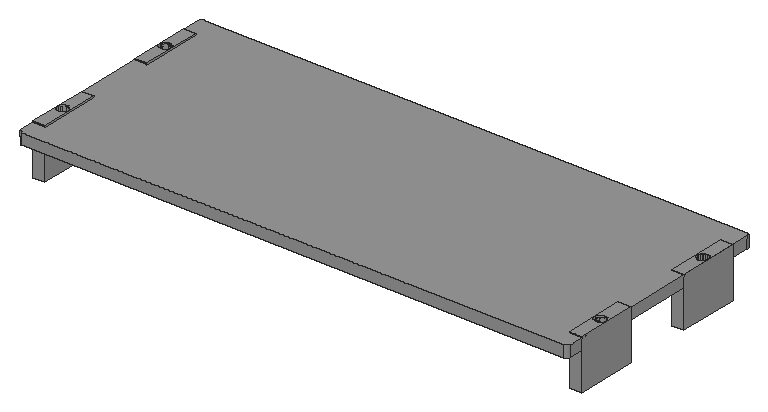
Revit family "Building-ContenitoriParete-GEWISS-46-PANNELLI_CIECHI_2M", category Attrezzatura elettrica, Revit 2016
Family settings
  Configurazione quadro = Due colonne, circuiti in orizzontale
  Tipo di parte = Pannello comandi
  Quota connettore circolare = Usa diametro
  Numero OmniClass = 23.60.00.00
  Titolo OmniClass = General Purpose: Services
  Basato su piano di lavoro = Sì
  Sempre verticale = No
  Taglio con vuoti quando caricato = No
  Condiviso = No
  Punto di calcolo locali = Sì
Parameters (values of type "GW46479F - PANNELLO CIECO H2 800MM F&E")
  Versione file RFA = "18.0"
  URL = "https://www.gewiss.com/it/it"
  Scheda Tecnica = "https://www.gewiss.com/it/it/search?q=GW46479F"
  SEO = "Pannello"
  Default Elevation = 1219.2 mm
  Produttore = "GEWISS S.p.A."
  Per quadri base (mm) = "800"
  Pannello = GEWISS - GRIGIO RAL 7035
  Offset pannello [instance] = 328.668 mm
  Montaggio = "Rapido Fast & Easy"
  Modello = "GW46479F"
  Lunghezza pannello = 718 mm
  Spessore pannello = 15 mm
  Immagine tipo = GW10018551.jpg
  IFC.TypeObject = ""
  IFC.ExportType = ""
  IFC.ExportAs = ""
  IDT = "60235605-7784-4c3b-8cc8-b9e1742e28c0"
  IDF = "072477cc-e453-4ff4-ac98-72e3ee84e6e4"
  H_pannello = 299 mm  # constant formula
  H_da terra [instance] = 125.723 mm
  GEWISS SCHEDA TECNICA = "http://pro.gewiss.com/irj/portal/?NavigationTarget=pcd:portal_content/com.gewiss.ZPPFDMain/com.gewiss.ZPPFDITMain/com.gewiss.ZPPFDITMainDefault/com.gewiss.ZPPFDITPages/com.gewiss.ZPPFDITPagesAP/com.gewiss.ZPPFDITPagesAPCatalogo/com.gewiss.ZPPPDITAPProductDetail&codProd=GW46479F"
  Dotazioni = "Accessori di fissaggio"
  Descrizione = "PANNELLO CIECO H2 800MM F&E"
  Creato da GEWISS S.p.A. = ""
  Colore = "Grigio RAL 7035"
  Codice Electrocod = "0303"
  Codice EAN = "8011564284272"
  Catalogo Serie = "46 QP"
  Catalogo = "BUILDING"
  Caratteristiche = "Halogen free"
  COBie.Tagnumber = ""
  COBie.CreatedOn = ""
  COBie.CreatebBy = ""
  COBie.ComponentRegisterItemID = ""
  COBie.Component.TagNumber = ""
  COBie.Component.Space = ""
  COBie.Component.SerialNumber = ""
  COBie.Component.InstallationDate = ""
  COBie.Component.Description = ""
  COBie.Component.BarCode = ""
  Altezza = "2 Moduli"
  Adatto per: = "46QP - 46QM - 46QX"
Types (6, lengths in mm): name | URL | Scheda Tecnica | Produttore | Per quadri base (mm) | Offset pannello | Modello | Lunghezza pannello | IDT | GEWISS SCHEDA TECNICA | Descrizione | Codice EAN
  (no name) | "http://www.gewiss.com/prv/it_IT/index.html" | "" | 0 | "" | 328.668 | 0 | 718 | "" | "http://pro.gewiss.com/irj/portal/?NavigationTarget=pcd:portal_content/com.gewiss.ZPPFDMain/com.gewiss.ZPPFDITMain/com.gewiss.ZPPFDITMainDefault/com.gewiss.ZPPFDITPages/com.gewiss.ZPPFDITPagesAP/com.gewiss.ZPPFDITPagesAPCatalogo/com.gewiss.ZPPPDITAPProductDetail&codProd=GW46479F" | 0 | ""
  GW46475F - PANNELLO CIECO H2 310MM F&E | "https://www.gewiss.com/it/it" | "https://www.gewiss.com/it/it/search?q=GW46475F" | "GEWISS S.p.A." | "310" | 328.668 | "GW46475F" | 265 | "111c7b50-0ba5-495f-a540-9a93015ba396" | "http://pro.gewiss.com/irj/portal/?NavigationTarget=pcd:portal_content/com.gewiss.ZPPFDMain/com.gewiss.ZPPFDITMain/com.gewiss.ZPPFDITMainDefault/com.gewiss.ZPPFDITPages/com.gewiss.ZPPFDITPagesAP/com.gewiss.ZPPFDITPagesAPCatalogo/com.gewiss.ZPPPDITAPProductDetail&codProd=GW46475F" | "PANNELLO CIECO H2 310MM F&E" | "8011564284234"
  GW46476F - PANNELLO CIECO H2 405MM F&E | "https://www.gewiss.com/it/it" | "https://www.gewiss.com/it/it/search?q=GW46476F" | "GEWISS S.p.A." | "405" | 328.668 | "GW46476F" | 358 | "0cc48223-5ed1-4ac5-af20-bd2f66354467" | "http://pro.gewiss.com/irj/portal/?NavigationTarget=pcd:portal_content/com.gewiss.ZPPFDMain/com.gewiss.ZPPFDITMain/com.gewiss.ZPPFDITMainDefault/com.gewiss.ZPPFDITPages/com.gewiss.ZPPFDITPagesAP/com.gewiss.ZPPFDITPagesAPCatalogo/com.gewiss.ZPPPDITAPProductDetail&codProd=GW46476F" | "PANNELLO CIECO H2 405MM F&E" | "8011564284241"
  GW46477F - PANNELLO CIECO H2 515MM F&E | "https://www.gewiss.com/it/it" | "https://www.gewiss.com/it/it/search?q=GW46477F" | "GEWISS S.p.A." | "515" | 500 | "GW46477F" | 466 | "a297f2be-aa69-46b4-8f75-143973744bec" | "http://pro.gewiss.com/irj/portal/?NavigationTarget=pcd:portal_content/com.gewiss.ZPPFDMain/com.gewiss.ZPPFDITMain/com.gewiss.ZPPFDITMainDefault/com.gewiss.ZPPFDITPages/com.gewiss.ZPPFDITPagesAP/com.gewiss.ZPPFDITPagesAPCatalogo/com.gewiss.ZPPPDITAPProductDetail&codProd=GW46477F" | "PANNELLO CIECO H2 515MM F&E" | "8011564284258"
  GW46478F - PANNELLO CIECO H2 585MM F&E | "https://www.gewiss.com/it/it" | "https://www.gewiss.com/it/it/search?q=GW46478F" | "GEWISS S.p.A." | "585" | 328.668 | "GW46478F" | 538 | "a00c0539-b87a-4bc8-bd37-09c165c70047" | "http://pro.gewiss.com/irj/portal/?NavigationTarget=pcd:portal_content/com.gewiss.ZPPFDMain/com.gewiss.ZPPFDITMain/com.gewiss.ZPPFDITMainDefault/com.gewiss.ZPPFDITPages/com.gewiss.ZPPFDITPagesAP/com.gewiss.ZPPFDITPagesAPCatalogo/com.gewiss.ZPPPDITAPProductDetail&codProd=GW46478F" | "PANNELLO CIECO H2 585MM F&E" | "8011564284265"
  GW46479F - PANNELLO CIECO H2 800MM F&E | "https://www.gewiss.com/it/it" | "https://www.gewiss.com/it/it/search?q=GW46479F" | "GEWISS S.p.A." | "800" | 328.668 | "GW46479F" | 718 | "60235605-7784-4c3b-8cc8-b9e1742e28c0" | "http://pro.gewiss.com/irj/portal/?NavigationTarget=pcd:portal_content/com.gewiss.ZPPFDMain/com.gewiss.ZPPFDITMain/com.gewiss.ZPPFDITMainDefault/com.gewiss.ZPPFDITPages/com.gewiss.ZPPFDITPagesAP/com.gewiss.ZPPFDITPagesAPCatalogo/com.gewiss.ZPPPDITAPProductDetail&codProd=GW46479F" | "PANNELLO CIECO H2 800MM F&E" | "8011564284272"
Values of the unnamed type that differ from the named types
  Versione file RFA = ""
  SEO = ""
  Montaggio = ""
  IDF = ""
  Dotazioni = ""
  Colore = ""
  Codice Electrocod = ""
  Catalogo Serie = ""
  Catalogo = ""
  Caratteristiche = ""
  Altezza = ""
  Adatto per: = ""
Reference planes
  plane 1 "Centro (Fronte/Retro)": z = 320.168
  plane 2: z = 0
  plane 3 "Centro (Sinistra/Destra)": x = 0
  plane 4: x = -359
  plane 5: x = 359
  plane 6: y = 219.556
  plane 7: y = -79.444
  plane 8: y = -15.944
  plane 9: y = -55.444
  plane 10: z = 262.668
  plane 11: z = 328.668
  plane 12: y = 23.556
  plane 13: y = 190.556
  plane 14: y = 151.056
  plane 15: y = 111.556
  plane 16: y = 70.056
  plane 17: z = 312.668
  plane 18: z = 327.668
Forms (mm)
  Extrusion 1, solid, material "GEWISS - GRIGIO RAL 7035" <- "Pannello"
    sketch origin (0, 0, 320.168) x (1, 0, 0) y (0, 1, 0)
      loop
        arc (-354, 219.556) -> (-357.536, 218.091) -> (-359, 214.556) r 5
        line (-359, 214.556) -> (-359, -74.444)
        arc (-359, -74.444) -> (-357.536, -77.98) -> (-354, -79.444) r 5
        line (-354, -79.444) -> (354, -79.444)
        arc (354, -79.444) -> (357.536, -77.98) -> (359, -74.444) r 5
        line (359, -74.444) -> (359, 214.556)
        arc (359, 214.556) -> (357.536, 218.091) -> (354, 219.556) r 5
        line (354, 219.556) -> (-354, 219.556)
    from -7.5 to 7.5
  Extrusion 2, solid, material "GEWISS - GRIGIO RAL 7035" <- "Pannello"
    sketch origin (0, 140.111, 320.168) x (-1, 0, 0) y (0, -1, 0)
      loop
        line (-359, 116.556) -> (-343.121, 116.556) -> (-343.121, 195.556) -> (-359, 195.556) -> (-359, 116.556)
    from -57.5 to 8.5
  Extrusion 3, void
    sketch origin (0, 140.111, 320.168) x (1, 0, 0) y (0, 1, 0)
      loop
        circle (351.421, -156.056) r 7.361
    from -57.5 to 8.5
  Extrusion 4, solid, material "GEWISS - GRIGIO RAL 7035" <- "Pannello"
    sketch origin (0, -5, 320.168) x (1, 0, 0) y (0, 1, 0)
      loop
        line (-359, 28.556) -> (-359, -50.444) -> (-343.121, -50.444) -> (-343.121, 28.556) -> (-359, 28.556)
    from -57.5 to 8.5
  Extrusion 5, void
    sketch origin (0, -5, 320.168) x (-1, 0, 0) y (0, -1, 0)
      loop
        circle (351.421, 10.944) r 7.361
    from -57.5 to 8.5
  Extrusion 6, solid, material "GEWISS - GRIGIO RAL 7035" <- "Pannello"
    sketch origin (0, 5, 320.168) x (-1, 0, 0) y (0, -1, 0)
      loop
        line (-359, -106.556) -> (-359, -185.556) -> (-343.121, -185.556) -> (-343.121, -106.556) -> (-359, -106.556)
    from 7.5 to -57.5
  Extrusion 7, void
    sketch origin (0, 5, 320.168) x (1, 0, 0) y (0, 1, 0)
      loop
        circle (351.421, 146.056) r 7.361
    from -57.5 to 7.5
  Extrusion 8, solid, material "GEWISS - GRIGIO RAL 7035" <- "Pannello"
    sketch origin (0, -5, 320.168) x (1, 0, 0) y (0, 1, 0)
      loop
        line (-359, 116.556) -> (-343.121, 116.556) -> (-343.121, 195.556) -> (-359, 195.556) -> (-359, 116.556)
    from 8.5 to -57.5
  Extrusion 9, void
    sketch origin (0, -5, 320.168) x (-1, 0, 0) y (0, -1, 0)
      loop
        circle (351.421, -156.056) r 7.361
    from -57.5 to 19.867
Cuts and joins
  Extrusion 3, Extrusion 5, Extrusion 7, Extrusion 9 cuts Extrusion 1
  Extrusion 3, Extrusion 5, Extrusion 7 cuts Extrusion 2
  Extrusion 5, Extrusion 9 cuts Extrusion 4
  Extrusion 7 cuts Extrusion 6
  Extrusion 9 cuts Extrusion 8
Dimensions and locks
  equal spacing: plane 4, plane 3 "Centro (Sinistra/Destra)", plane 5
  "Lunghezza pannello": plane 4 to plane 5
  locked: plane 12 to plane 9 at 79
  locked: plane 13 to plane 15 at 79
  "Offset pannello": plane 11 to level
  plane 11 to plane 18 to plane 17 to plane 10 = 1 mm locked, 15 mm locked, 50 mm locked
  plane 11 to plane 10 = 66 mm
  aligned and locked: level to plane 2
  aligned and locked: plane 4 to Extrusion 1 sketch curve
  aligned and locked: Extrusion 1 sketch curve to plane 5
  aligned and locked: Extrusion 1 sketch curve to plane 6
  aligned and locked: plane 7 to Extrusion 1 sketch curve
  aligned and locked: plane 5 to Extrusion 2
  aligned and locked: Extrusion 2 to plane 11
  aligned and locked: Extrusion 3 to plane 10
  aligned and locked: cut or joined group of Extrusion 2, Extrusion 3, Extrusion 5, Extrusion 7 to plane 12  (x2)
  aligned and locked: plane 9 to cut or joined group of Extrusion 2, Extrusion 3, Extrusion 5, Extrusion 7  (x2)
  aligned and locked: Extrusion 3 to plane 11
  aligned and locked: plane 13 to cut or joined group of Extrusion 8, Extrusion 9
  aligned and locked: cut or joined group of Extrusion 8, Extrusion 9 to plane 15
  aligned and locked: cut or joined group of Extrusion 4, Extrusion 5, Extrusion 9 to plane 12
  aligned and locked: cut or joined group of Extrusion 4, Extrusion 5, Extrusion 9 to plane 9
  aligned and locked: cut or joined group of Extrusion 8, Extrusion 9 to plane 4
  aligned and locked: cut or joined group of Extrusion 4, Extrusion 5, Extrusion 9 to plane 4
  aligned and locked: plane 5 to cut or joined group of Extrusion 6, Extrusion 7
  aligned and locked: plane 11 to cut or joined group of Extrusion 4, Extrusion 5, Extrusion 9
  aligned and locked: plane 10 to cut or joined group of Extrusion 4, Extrusion 5, Extrusion 9
  aligned and locked: plane 10 to cut or joined group of Extrusion 2, Extrusion 3, Extrusion 5, Extrusion 7
  aligned and locked: cut or joined group of Extrusion 1, Extrusion 3, Extrusion 5, Extrusion 7, Extrusion 9 to plane 17
  aligned and locked: cut or joined group of Extrusion 1, Extrusion 3, Extrusion 5, Extrusion 7, Extrusion 9 to plane 18
  aligned and locked: cut or joined group of Extrusion 4, Extrusion 5, Extrusion 9 to plane 11  (x3)
  aligned and locked: plane 18 to cut or joined group of Extrusion 1, Extrusion 3, Extrusion 5, Extrusion 7, Extrusion 9  (x4)
  aligned and locked: plane 11 to cut or joined group of Extrusion 2, Extrusion 3, Extrusion 5, Extrusion 7
  aligned and locked: plane 11 to Extrusion 8
  aligned and locked: plane 10 to Extrusion 6
  aligned and locked: Extrusion 6 to cut or joined group of Extrusion 1, Extrusion 3, Extrusion 5, Extrusion 7, Extrusion 9
  aligned and locked: plane 10 to Extrusion 7
  aligned and locked: plane 11 to Extrusion 5
  aligned and locked: Extrusion 1 to Extrusion 7
  aligned and locked: plane 10 to Extrusion 8
  aligned and locked: plane 10 to Extrusion 5
  aligned and locked: cut or joined group of Extrusion 2, Extrusion 3, Extrusion 5, Extrusion 7 to Extrusion 9
Automatic sketch dimensions
  plane 4 to Extrusion 1 sketch curve = 5 mm
  Extrusion 1 sketch curve to Extrusion 1 sketch curve = 5 mm
  Extrusion 1 sketch curve to plane 5 = 5 mm  (x2)
  Extrusion 2 sketch curve to Extrusion 2 sketch curve = 15.879 mm
  Extrusion 2 sketch curve to Extrusion 2 sketch curve = 79 mm
  Extrusion 4 sketch curve to Extrusion 4 sketch curve = 15.879 mm
  Extrusion 4 sketch curve to Extrusion 4 sketch curve = 79 mm
  Extrusion 6 sketch curve to Extrusion 6 sketch curve = 15.879 mm
  Extrusion 6 sketch curve to Extrusion 6 sketch curve = 79 mm
  Extrusion 8 sketch curve to Extrusion 8 sketch curve = 15.879 mm
  Extrusion 8 sketch curve to Extrusion 8 sketch curve = 79 mm
  Extrusion 2 sketch curve to plane 5 = 0 mm
  plane 12 to Extrusion 2 sketch curve = 0 mm
  Extrusion 3 sketch curve to plane 8 = 0 mm
  Extrusion 3 sketch curve to plane 5 = 7.579 mm
  Extrusion 4 sketch curve to plane 4 = 0 mm
  plane 12 to Extrusion 4 sketch curve = 0 mm
  Extrusion 5 sketch curve to plane 8 = 0 mm
  plane 4 to Extrusion 5 sketch curve = 7.579 mm
  Extrusion 6 sketch curve to plane 5 = 0 mm
  plane 13 to Extrusion 6 sketch curve = 0 mm
  plane 14 to Extrusion 7 sketch curve = 0 mm
  Extrusion 7 sketch curve to plane 5 = 7.579 mm
  Extrusion 8 sketch curve to plane 4 = 0 mm
  Extrusion 8 sketch curve to plane 13 = 0 mm
  Extrusion 9 sketch curve to plane 14 = 0 mm
  plane 4 to Extrusion 9 sketch curve = 7.579 mm
  radius of Extrusion 3 sketch curve = 7.361 mm
  radius of Extrusion 5 sketch curve = 7.361 mm
  radius of Extrusion 7 sketch curve = 7.361 mm
  radius of Extrusion 9 sketch curve = 7.361 mm
